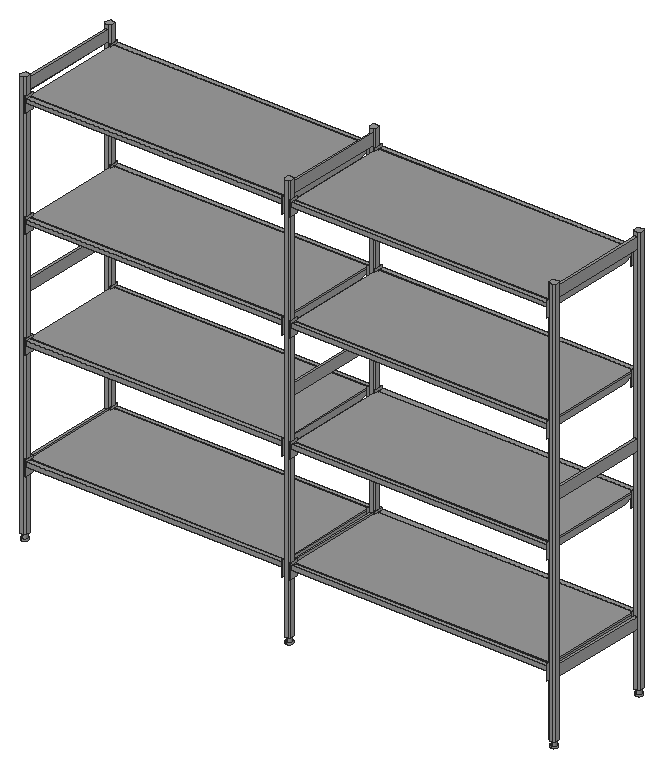
Revit family "QF_ZANUSSI_137045_BLS2224", category Attrezzature speciali, Revit 2020
Family settings
  Quota connettore circolare = Usa diametro
  Tipo di parte = Normale
  Basato su piano di lavoro = No
  Sempre verticale = Sì
  Taglio con vuoti quando caricato = No
  Condiviso = No
  Punto di calcolo locali = No
Parameters (values of type "Standard")
  Weight = 41.00 kg
  Watts = 0 W
  Volts = 0 V
  URL Manufacturer = "http://www.zanussiprofessional.com"
  URL = "http://www.zanussiprofessional.com"
  Steam Supply Size = 0 mm
  Steam Supply Minimum Pressure = 0.0 Pa
  Steam Supply Maximum Pressure = 0.0 Pa
  Steam Consumption per Hour = 0
  Refrigeration Suction Line Size = 0.0 mm
  Refrigeration Liquid Line Size = 0.0 mm
  Refrigerant Compressor Remote = yes
  Prospetto di default = 0.0 mm
  Phase = 0
  Modello = "BLS2224"
  Produttore = "Zanussi"
  Length Actual = 2224.0 mm  # constant formula
  Item Number = "137045"
  Hot Water Size = 0 mm
  Height Actual = 1700.0 mm  # constant formula
  HP = "0 HP"
  Gas Size = 0 mm
  Gas KW = 0
  Gas Input Pressure = 0 W
  Direct Waste Size = 0 mm
  Descrizione = "ALUM.LINEAR SHELV.-POLY.TIERS-475X2224MM"
  Depth Actual = 475.0 mm  # constant formula
  Cycle = 0 Hz
  Condensate Return Size = 0 mm
  Compressed Air Volume = 0.0 L/s
  Compressed Air Size = 0 mm
  Compressed Air Pressure = 0.0 Pa
  Cold Water Size = 0 mm
  Accessory = yes
Reference planes
  plane 1: z = 0
  plane 2 "CenterLeft": x = -31
  plane 3 "LEFT": x = -417
  plane 4 "BACK": y = 23
  plane 5 "FRONT": y = -452
  plane 6 "TOP": z = 1700
  plane 7: x = -385
  plane 8: x = 677
  plane 9 "Center (Front/Back)": y = -214.5
  plane 10: y = -8.5
  plane 11: y = -420.5
  plane 12 "FEET": z = 25
  plane 13: z = 275
  plane 14: z = 725
  plane 15: z = 1175
  plane 16: z = 1625
  plane 17 "CXLeft": x = -403
  plane 18 "Center (Left/Right)": x = 695
  plane 19: y = 5.5
  plane 20 "CYBack": y = 5.5
  plane 21 "CYFront": y = -434.5
  plane 22 "RIGHT": x = 1807
  plane 23: x = 1775
  plane 24 "CXRight": x = 1793
  plane 25: x = 713
Forms (mm)
  Extrusion 1, solid, material "QF_Aluminum"
    sketch origin (-417, 0, -4.006) x (0, 1, 0) y (0, 0, 1)
      loop
        line (-12, 1637.003) -> (4, 1637.003) -> (4, 1655) -> (2.007, 1655) -> (2.007, 1648.501) -> (-431, 1648.501) -> (-431, 1655) -> (-433, 1655) -> (-433, 1637.003) -> (-417, 1637.003) -> (-383, 1625) -> (-46, 1625) -> (-12, 1637.003)
      loop
        line (-12, 1187.003) -> (4, 1187.003) -> (4, 1205) -> (2.007, 1205) -> (2.007, 1198.501) -> (-431, 1198.501) -> (-431, 1205) -> (-433, 1205) -> (-433, 1187.003) -> (-417, 1187.003) -> (-383, 1175) -> (-46, 1175) -> (-12, 1187.003)
      loop
        line (-12, 737.003) -> (4, 737.003) -> (4, 755) -> (2.007, 755) -> (2.007, 748.501) -> (-431, 748.501) -> (-431, 755) -> (-433, 755) -> (-433, 737.003) -> (-417, 737.003) -> (-383, 725) -> (-46, 725) -> (-12, 737.003)
      loop
        line (-12, 287.003) -> (4, 287.003) -> (4, 305) -> (2.007, 305) -> (2.007, 298.501) -> (-431, 298.501) -> (-431, 305) -> (-433, 305) -> (-433, 287.003) -> (-417, 287.003) -> (-383, 275) -> (-46, 275) -> (-12, 287.003)
    from 37 to 32
  Extrusion 2, solid, material "QF_Aluminum"
    sketch origin (-417, 0, 0) x (0, 1, 0) y (0, 0, 1)
      loop
        line (23, 246.005) -> (23, 307.993) -> (-12.993, 307.993) -> (-12.993, 246.005) -> (23, 246.005)
      loop
        line (-452, 246.005) -> (-416.007, 246.005) -> (-416.007, 307.993) -> (-452, 307.993) -> (-452, 246.005)
      loop
        line (23, 696.005) -> (23, 757.993) -> (-12.993, 757.993) -> (-12.993, 696.005) -> (23, 696.005)
      loop
        line (-452, 696.005) -> (-416.007, 696.005) -> (-416.007, 757.993) -> (-452, 757.993) -> (-452, 696.005)
      loop
        line (23, 1146.005) -> (23, 1207.993) -> (-12.993, 1207.993) -> (-12.993, 1146.005) -> (23, 1146.005)
      loop
        line (-452, 1146.005) -> (-416.007, 1146.005) -> (-416.007, 1207.993) -> (-452, 1207.993) -> (-452, 1146.005)
      loop
        line (23, 1596.005) -> (23, 1657.993) -> (-12.993, 1657.993) -> (-12.993, 1596.005) -> (23, 1596.005)
      loop
        line (-452, 1596.005) -> (-416.007, 1596.005) -> (-416.007, 1657.993) -> (-452, 1657.993) -> (-452, 1596.005)
    from 28 to 32
  Extrusion 3, solid, material "QF_Aluminum"
    sketch origin (-417, 0, 0) x (0, 1, 0) y (0, 0, 1)
      loop
        line (4, 1650.994) -> (4, 1632.998) -> (23, 1632.998) -> (23, 1650.994) -> (4, 1650.994)
      loop
        line (-433, 1650.994) -> (-452, 1650.994) -> (-452, 1632.998) -> (-433, 1632.998) -> (-433, 1650.994)
      loop
        line (4, 1200.994) -> (4, 1182.998) -> (23, 1182.998) -> (23, 1200.994) -> (4, 1200.994)
      loop
        line (-433, 1200.994) -> (-452, 1200.994) -> (-452, 1182.998) -> (-433, 1182.998) -> (-433, 1200.994)
      loop
        line (4, 750.994) -> (4, 732.998) -> (23, 732.998) -> (23, 750.994) -> (4, 750.994)
      loop
        line (-433, 750.994) -> (-452, 750.994) -> (-452, 732.998) -> (-433, 732.998) -> (-433, 750.994)
      loop
        line (4, 300.994) -> (4, 282.998) -> (23, 282.998) -> (23, 300.994) -> (4, 300.994)
      loop
        line (-433, 300.994) -> (-452, 300.994) -> (-452, 282.998) -> (-433, 282.998) -> (-433, 300.994)
    from 32 to 1094
  Extrusion 4, solid, material "QF_Polyethylene"
    sketch origin (-417, 0, 0) x (0, 1, 0) y (0, 0, 1)
      loop
        line (2.007, 1650.994) -> (-431, 1650.994) -> (-431, 1644.496) -> (2.007, 1644.496) -> (2.007, 1650.994)
      loop
        line (2.007, 1200.994) -> (-431, 1200.994) -> (-431, 1194.496) -> (2.007, 1194.496) -> (2.007, 1200.994)
      loop
        line (2.007, 750.994) -> (-431, 750.994) -> (-431, 744.496) -> (2.007, 744.496) -> (2.007, 750.994)
      loop
        line (2.007, 300.994) -> (-431, 300.994) -> (-431, 294.496) -> (2.007, 294.496) -> (2.007, 300.994)
    from 32 to 1094
  Extrusion 5, solid, material "QF_Aluminum"
    sketch origin (1807, 0, 0) x (0, 1, 0) y (0, 0, 1)
      loop
        line (4, 1650.994) -> (4, 1632.998) -> (23, 1632.998) -> (23, 1650.994) -> (4, 1650.994)
      loop
        line (-433, 1650.994) -> (-452, 1650.994) -> (-452, 1632.998) -> (-433, 1632.998) -> (-433, 1650.994)
      loop
        line (4, 1200.994) -> (4, 1182.998) -> (23, 1182.998) -> (23, 1200.994) -> (4, 1200.994)
      loop
        line (-433, 1200.994) -> (-452, 1200.994) -> (-452, 1182.998) -> (-433, 1182.998) -> (-433, 1200.994)
      loop
        line (4, 750.994) -> (4, 732.998) -> (23, 732.998) -> (23, 750.994) -> (4, 750.994)
      loop
        line (-433, 750.994) -> (-452, 750.994) -> (-452, 732.998) -> (-433, 732.998) -> (-433, 750.994)
      loop
        line (4, 300.994) -> (4, 282.998) -> (23, 282.998) -> (23, 300.994) -> (4, 300.994)
      loop
        line (-433, 300.994) -> (-452, 300.994) -> (-452, 282.998) -> (-433, 282.998) -> (-433, 300.994)
    from -32 to -1094
  Extrusion 6, solid, material "QF_Polyethylene"
    sketch origin (1807, 0, 0) x (0, 1, 0) y (0, 0, 1)
      loop
        line (2.007, 1650.994) -> (-431, 1650.994) -> (-431, 1644.496) -> (2.007, 1644.496) -> (2.007, 1650.994)
      loop
        line (2.007, 1200.994) -> (-431, 1200.994) -> (-431, 1194.496) -> (2.007, 1194.496) -> (2.007, 1200.994)
      loop
        line (2.007, 750.994) -> (-431, 750.994) -> (-431, 744.496) -> (2.007, 744.496) -> (2.007, 750.994)
      loop
        line (2.007, 300.994) -> (-431, 300.994) -> (-431, 294.496) -> (2.007, 294.496) -> (2.007, 300.994)
    from -32 to -1094
Lines and regions (mm)
  symbolic lines
    curve 1: line (677, 4, 1700) -> (-385, 4, 1700)
    curve 2: line (-408, -8.5, 1700) -> (-408, -420.5, 1700)
    curve 3: line (-398, -420.5, 1700) -> (-398, -8.5, 1700)
    curve 4: line (-389, 23, 1700) -> (681, 23, 1700)
    curve 5: line (-385, -452, 1700) -> (677, -452, 1700)
    curve 6: line (709, 23, 1700) -> (1779, 23, 1700)
    curve 7: line (709, -452, 1700) -> (1779, -452, 1700)
    curve 8: line (-385, -433, 1700) -> (677, -433, 1700)
    curve 9: line (713, -433, 1700) -> (1775, -433, 1700)
    curve 10: line (713, 4, 1700) -> (1775, 4, 1700)
    curve 11: line (1775, -12.993, 1700) -> (1775, -416.007, 1700)
    curve 12: line (677, -12.993, 1700) -> (677, -416.007, 1700)
    curve 13: line (713, -416.007, 1700) -> (713, -12.993, 1700)
    curve 14: line (-385, -12.993, 1700) -> (-385, -416.007, 1700)
Dimensions and locks
  plane 3 "LEFT" to plane 2 "CenterLeft" = 386.0 mm
  locked: plane 6 "TOP" to level at 1700
  locked: plane 4 "BACK" to plane 5 "FRONT" at 475
  locked: plane 7 to plane 8 at 1062
  locked: plane 10 to plane 11 at 412
  equal spacing: plane 10, plane 9 "Center (Front/Back)", plane 11
  equal spacing: plane 4 "BACK", plane 9 "Center (Front/Back)", plane 5 "FRONT"
  plane 12 "FEET" to level = 25.0 mm
  plane 6 "TOP" to plane 12 "FEET" = 1675.0 mm
  plane 13 to plane 12 "FEET" = 250.0 mm
  plane 14 to plane 13 = 450.0 mm
  plane 15 to plane 14 = 450.0 mm
  plane 16 to plane 15 = 450.0 mm
  locked: plane 4 "BACK" to plane 20 "CYBack" at 17.5
  locked: plane 21 "CYFront" to plane 5 "FRONT" at 17.5
  locked: plane 4 "BACK" to Extrusion 1 at 19
  locked: Extrusion 1 to plane 5 "FRONT" at 19
  Extrusion 1 sketch curve to plane 21 "CYFront" = 3.5 mm
  plane 3 "LEFT" to plane 22 "RIGHT" = 2224.0 mm
  locked: plane 25 to plane 23 at 1062
  locked: plane 8 to plane 18 "Center (Left/Right)" at 18
  locked: plane 18 "Center (Left/Right)" to plane 25 at 18
  locked: plane 3 "LEFT" to plane 7 at 32
  locked: plane 24 "CXRight" to plane 22 "RIGHT" at 14
  aligned and locked: level to plane 1
  aligned and locked: plane 7 to Extrusion 1
  aligned and locked: Extrusion 2 to plane 7
  aligned and locked: plane 7 to Extrusion 4
  aligned and locked: Extrusion 4 to plane 8
  aligned and locked: plane 7 to Extrusion 3
  aligned and locked: Extrusion 3 to plane 8
  aligned and locked: Extrusion 3 sketch curve to Extrusion 1
  aligned and locked: Extrusion 1 to Extrusion 3 sketch curve
  aligned and locked: Extrusion 3 sketch curve to Extrusion 3 sketch curve  (x2)
  aligned and locked: Extrusion 1 sketch curve to Extrusion 1 sketch curve  (x3)
  aligned and locked: Extrusion 4 sketch curve to Extrusion 1  (x4)
  aligned and locked: Extrusion 5 sketch curve to Extrusion 5 sketch curve  (x2)
  aligned and locked: Extrusion 5 to plane 25
  aligned and locked: Extrusion 6 to plane 25
  aligned and locked: nested 3 to plane 18 "Center (Left/Right)"
  aligned and locked: nested 1 to plane 17 "CXLeft"
  aligned and locked: Extrusion 3 to plane 7  (x3)
  aligned and locked: plane 8 to Extrusion 3  (x4)
  aligned and locked: plane 25 to Extrusion 5  (x4)
  aligned and locked: plane 25 to Extrusion 6  (x4)
  aligned and locked: plane 8 to Extrusion 4  (x4)
  aligned and locked: nested 2 to plane 24 "CXRight"
  aligned and locked: Extrusion 5 to plane 23
  aligned and locked: Extrusion 6 to plane 23
  aligned and locked: plane 23 to Extrusion 5  (x3)
  aligned and locked: plane 23 to Extrusion 6  (x3)
Automatic sketch dimensions
  plane 21 "CYFront" to Extrusion 1 sketch curve = 1.5 mm  (x4)
  plane 11 to Extrusion 1 sketch curve = 3.5 mm  (x4)
  Extrusion 1 sketch curve to plane 13 = 4.006 mm
  Extrusion 1 sketch curve to Extrusion 1 sketch curve = 34.0 mm  (x4)
  Extrusion 1 sketch curve to plane 14 = 4.006 mm
  Extrusion 1 sketch curve to plane 15 = 4.006 mm
  Extrusion 1 sketch curve to plane 16 = 4.006 mm
  Extrusion 1 sketch curve to plane 10 = 37.5 mm  (x4)
  Extrusion 1 sketch curve to plane 10 = 3.5 mm  (x4)
  plane 19 to Extrusion 1 sketch curve = 3.493 mm  (x4)
  plane 19 to Extrusion 1 sketch curve = 1.5 mm  (x4)
  plane 13 to Extrusion 1 sketch curve = 7.998 mm  (x2)
  Extrusion 1 sketch curve to Extrusion 1 sketch curve = 11.498 mm  (x4)
  Extrusion 1 sketch curve to Extrusion 1 sketch curve = 6.499 mm  (x8)
  plane 14 to Extrusion 1 sketch curve = 7.998 mm  (x2)
  plane 15 to Extrusion 1 sketch curve = 7.998 mm  (x2)
  plane 16 to Extrusion 1 sketch curve = 7.998 mm  (x2)
  Extrusion 2 sketch curve to plane 5 "FRONT" = 0.0 mm  (x4)
  Extrusion 2 sketch curve to plane 4 "BACK" = 0.0 mm  (x4)
  plane 11 to Extrusion 2 sketch curve = 4.493 mm  (x4)
  Extrusion 2 sketch curve to plane 10 = 4.493 mm  (x4)
  Extrusion 2 sketch curve to plane 13 = 28.995 mm  (x2)
  plane 13 to Extrusion 2 sketch curve = 32.993 mm  (x2)
  Extrusion 2 sketch curve to plane 14 = 28.995 mm  (x2)
  plane 14 to Extrusion 2 sketch curve = 32.993 mm  (x2)
  Extrusion 2 sketch curve to plane 15 = 28.995 mm  (x2)
  plane 15 to Extrusion 2 sketch curve = 32.993 mm  (x2)
  Extrusion 2 sketch curve to plane 16 = 28.995 mm  (x2)
  plane 16 to Extrusion 2 sketch curve = 32.993 mm  (x2)
  Extrusion 3 sketch curve to plane 5 "FRONT" = 0.0 mm  (x4)
  Extrusion 3 sketch curve to plane 4 "BACK" = 0.0 mm  (x4)
  plane 19 to Extrusion 3 sketch curve = 1.5 mm  (x4)
  plane 13 to Extrusion 3 sketch curve = 7.998 mm  (x2)
  Extrusion 3 sketch curve to Extrusion 3 sketch curve = 17.997 mm  (x8)
  plane 14 to Extrusion 3 sketch curve = 7.998 mm  (x2)
  plane 15 to Extrusion 3 sketch curve = 7.998 mm  (x2)
  plane 16 to Extrusion 3 sketch curve = 7.998 mm  (x2)
  plane 19 to Extrusion 4 sketch curve = 3.493 mm  (x4)
  plane 13 to Extrusion 4 sketch curve = 19.496 mm
  Extrusion 4 sketch curve to Extrusion 4 sketch curve = 6.499 mm  (x4)
  plane 14 to Extrusion 4 sketch curve = 19.496 mm
  plane 15 to Extrusion 4 sketch curve = 19.496 mm
  plane 16 to Extrusion 4 sketch curve = 19.496 mm
  Extrusion 5 sketch curve to plane 5 "FRONT" = 0.0 mm  (x4)
  Extrusion 5 sketch curve to plane 4 "BACK" = 0.0 mm  (x4)
  plane 21 "CYFront" to Extrusion 5 sketch curve = 1.5 mm  (x2)
  plane 19 to Extrusion 5 sketch curve = 1.5 mm  (x4)
  plane 13 to Extrusion 5 sketch curve = 7.998 mm  (x2)
  Extrusion 5 sketch curve to Extrusion 5 sketch curve = 17.997 mm  (x8)
  plane 14 to Extrusion 5 sketch curve = 7.998 mm  (x2)
  plane 15 to Extrusion 5 sketch curve = 7.998 mm  (x2)
  plane 16 to Extrusion 5 sketch curve = 7.998 mm  (x2)
  plane 21 "CYFront" to Extrusion 6 sketch curve = 3.5 mm  (x4)
  plane 19 to Extrusion 6 sketch curve = 3.493 mm  (x4)
  plane 13 to Extrusion 6 sketch curve = 19.496 mm
  Extrusion 6 sketch curve to Extrusion 6 sketch curve = 6.499 mm  (x4)
  plane 14 to Extrusion 6 sketch curve = 19.496 mm
  plane 15 to Extrusion 6 sketch curve = 19.496 mm
  plane 16 to Extrusion 6 sketch curve = 19.496 mm
  curve 7 to plane 5 "FRONT" = 0.0 mm
  curve 5 to plane 5 "FRONT" = 0.0 mm
  curve 8 to plane 8 = 0.0 mm
  curve 9 to plane 25 = 0.0 mm
  curve 9 to plane 23 = 0.0 mm
  curve 8 to plane 7 = 0.0 mm
  curve 2 to plane 11 = 0.0 mm
  curve 3 to plane 11 = 0.0 mm
  curve 14 to plane 7 = 0.0 mm
  curve 13 to plane 25 = 0.0 mm
  curve 12 to plane 8 = 0.0 mm
  curve 11 to plane 23 = 0.0 mm
  curve 3 to plane 10 = 0.0 mm
  curve 2 to plane 10 = 0.0 mm
  curve 1 to plane 8 = 0.0 mm
  curve 1 to plane 7 = 0.0 mm
  curve 10 to plane 23 = 0.0 mm
  curve 10 to plane 25 = 0.0 mm
  curve 4 to plane 4 "BACK" = 0.0 mm
  curve 6 to plane 4 "BACK" = 0.0 mm
  curve 5 to plane 8 = 0.0 mm
  curve 5 to plane 7 = 0.0 mm
  plane 21 "CYFront" to curve 8 = 1.5 mm
  plane 21 "CYFront" to curve 9 = 1.5 mm
  plane 11 to curve 14 = 4.493 mm
  plane 11 to curve 13 = 4.493 mm
  plane 11 to curve 12 = 4.493 mm
  plane 11 to curve 11 = 4.493 mm
  curve 14 to plane 10 = 4.493 mm
  curve 13 to plane 10 = 4.493 mm
  curve 12 to plane 10 = 4.493 mm
  curve 11 to plane 10 = 4.493 mm
  plane 19 to curve 1 = 1.5 mm
  plane 19 to curve 10 = 1.5 mm
  curve 6 to plane 23 = 4.0 mm
  curve 7 to plane 23 = 4.0 mm
  curve 6 to plane 25 = 4.0 mm
  curve 7 to plane 25 = 4.0 mm
  curve 4 to plane 8 = 4.0 mm
  plane 7 to curve 4 = 4.0 mm
  plane 17 "CXLeft" to curve 3 = 5.0 mm
  curve 2 to plane 17 "CXLeft" = 5.0 mm
Nested families
  nested 1: "WT_Anta475" at (0, 0, 0), type "WT_Anta475"
  nested 2: "WT_Anta475" at (1390, 0, 0) x (-1, 0, 0) z (0, 0, 1), type "WT_Anta475"
  nested 3: "WT_Anta475Center" at (1098, 0, 0), type "WT_Anta475Center"
Definition of nested family "WT_Anta475"
  Parameters
    WidthLeft = A + 64.0 mm  # 772.0 mm
    Width = 1606.0 mm
    Right = WidthLeft / 2  # 386.0 mm
    Default Elevation = 0.0 mm
    Left = -WidthLeft / 2  # -386.0 mm
    Height = 1725.0 mm
    FEET = 25.0 mm
    E = 0.0 mm
    Dint = Depth - 63.0 mm  # 412.0 mm
    Dext = Depth - 8.0 mm  # 467.0 mm
    Depth = 475.0 mm
    DX = (WidthLeft - A) / 2  # 32.0 mm
    B = 798.0 mm
    A = 708.0 mm
  Reference planes
    plane 1: z = 0
    plane 2 "LEFT": x = -417
    plane 3 "BACK": y = 23
    plane 4 "FRONT": y = -452
    plane 5 "TOP": z = 1725
    plane 6 "Center (Front/Back)": y = -214.5
    plane 7: y = -8.5
    plane 8: y = -420.5
    plane 9 "FEET": z = 25
    plane 10: z = 275
    plane 11: z = 725
    plane 12: z = 1175
    plane 13: z = 1625
    plane 14 "CXLeft": x = -403
    plane 15: y = 5.5
    plane 16 "CYBack": y = 5.5
    plane 17 "CYFront": y = -434.5
    plane 18: x = -385.031
    plane 19: x = -380.031
  Forms (mm)
    Extrusion 1, solid
      sketch origin (0, 0, 0) x (1, 0, 0) y (0, 1, 0)
        loop
          line (-417, 13.246) -> (-417, -2.246) -> (-410.746, -8.5) -> (-395.254, -8.5) -> (-389, -2.246) -> (-389, 13.246) -> (-395.254, 19.5) -> (-410.746, 19.5) -> (-417, 13.246)
      from 1725 to 25
    Extrusion 2, solid
      sketch origin (-417, 0, 0) x (0, 1, 0) y (0, 0, 1)
        loop
          line (23, 246.005) -> (23, 307.993) -> (-12.993, 307.993) -> (-12.993, 246.005) -> (23, 246.005)
        loop
          line (-452, 246.005) -> (-416.007, 246.005) -> (-416.007, 307.993) -> (-452, 307.993) -> (-452, 246.005)
        loop
          line (23, 696.005) -> (23, 757.993) -> (-12.993, 757.993) -> (-12.993, 696.005) -> (23, 696.005)
        loop
          line (-452, 696.005) -> (-416.007, 696.005) -> (-416.007, 757.993) -> (-452, 757.993) -> (-452, 696.005)
        loop
          line (23, 1146.005) -> (23, 1207.993) -> (-12.993, 1207.993) -> (-12.993, 1146.005) -> (23, 1146.005)
        loop
          line (-452, 1146.005) -> (-416.007, 1146.005) -> (-416.007, 1207.993) -> (-452, 1207.993) -> (-452, 1146.005)
        loop
          line (23, 1596.005) -> (23, 1657.993) -> (-12.993, 1657.993) -> (-12.993, 1596.005) -> (23, 1596.005)
        loop
          line (-452, 1596.005) -> (-416.007, 1596.005) -> (-416.007, 1657.993) -> (-452, 1657.993) -> (-452, 1596.005)
      from 28 to 32
    Revolve 3, solid
      sketch origin (-403, 0, 0) x (0, 1, 0) y (0, 0, 1)
        loop
          line (5.5, 25) -> (5.5, 0) -> (19, 0) -> (19, 5) -> (14, 5) -> (14, 25) -> (5.5, 25)
        axis (5.5, 25) -> (5.5, 0)
      angle from 0 to 360
    Extrusion 4, solid
      sketch origin (-403, 0, 0) x (0, 1, 0) y (0, 0, 1)
        loop
          line (-8.5, 912.382) -> (-8.5, 957.374) -> (-420.5, 957.374) -> (-420.5, 912.382) -> (-8.5, 912.382)
        loop
          line (-8.5, 1662.244) -> (-8.5, 1707.236) -> (-420.5, 1707.236) -> (-420.5, 1662.244) -> (-8.5, 1662.244)
      from -5 to 5
    Revolve 5, solid
      sketch origin (-403, -627, 0) x (0, -1, 0) y (0, 0, 1)
        loop
          line (-192.5, 25) -> (-192.5, 0) -> (-179, 0) -> (-179, 5) -> (-184, 5) -> (-184, 25) -> (-192.5, 25)
        axis (-192.5, 25) -> (-192.5, 0)
      angle from 0 to 360
    Extrusion 6, solid
      sketch origin (0, -627, 0) x (1, 0, 0) y (0, 1, 0)
        loop
          line (-417, 184.754) -> (-410.746, 178.5) -> (-395.254, 178.5) -> (-389, 184.754) -> (-389, 200.246) -> (-395.254, 206.5) -> (-410.746, 206.5) -> (-417, 200.246) -> (-417, 184.754)
      from 1725 to 25
    Extrusion 7, solid
      sketch origin (-417.031, -0.022, 0) x (0, 1, 0) y (0, 0, -1)
        loop
          line (-12, -1632.998) -> (-46, -1620.994) -> (-383, -1620.994) -> (-417, -1632.998) -> (-433, -1632.998) -> (-433, -1650.994) -> (-431, -1650.994) -> (-431, -1644.496) -> (2.007, -1644.496) -> (2.007, -1650.994) -> (4, -1650.994) -> (4, -1632.998) -> (-12, -1632.998)
        loop
          line (-12, -1182.998) -> (-46, -1170.994) -> (-383, -1170.994) -> (-417, -1182.998) -> (-433, -1182.998) -> (-433, -1200.994) -> (-431, -1200.994) -> (-431, -1194.496) -> (2.007, -1194.496) -> (2.007, -1200.994) -> (4, -1200.994) -> (4, -1182.998) -> (-12, -1182.998)
        loop
          line (-12, -732.998) -> (-46, -720.994) -> (-383, -720.994) -> (-417, -732.998) -> (-433, -732.998) -> (-433, -750.994) -> (-431, -750.994) -> (-431, -744.496) -> (2.007, -744.496) -> (2.007, -750.994) -> (4, -750.994) -> (4, -732.998) -> (-12, -732.998)
        loop
          line (-12, -282.998) -> (-46, -270.994) -> (-383, -270.994) -> (-417, -282.998) -> (-433, -282.998) -> (-433, -300.994) -> (-431, -300.994) -> (-431, -294.496) -> (2.007, -294.496) -> (2.007, -300.994) -> (4, -300.994) -> (4, -282.998) -> (-12, -282.998)
      from -32 to -37
    Extrusion 8, solid
      sketch origin (-403, 0, -659.878) x (0, 1, 0) y (0, 0, 1)
        loop
          line (-8.5, 912.382) -> (-8.5, 957.374) -> (-420.5, 957.374) -> (-420.5, 912.382) -> (-8.5, 912.382)
        loop
          line (-8.5, 1572.382) -> (-8.5, 1617.374) -> (-420.5, 1617.374) -> (-420.5, 1572.382) -> (-8.5, 1572.382)
        loop
          line (-8.5, 2322.382) -> (-8.5, 2367.374) -> (-420.5, 2367.374) -> (-420.5, 2322.382) -> (-8.5, 2322.382)
      from -5 to 5
  Lines and regions (mm)
    symbolic lines
      curve 1: line (-408, -8.5, 1725) -> (-408, -420.5, 1725)
      curve 2: line (-398, -420.5, 1725) -> (-398, -8.5, 1725)
      curve 3: line (-395.254, -8.5, 1725) -> (-410.746, -8.5, 1725)
      curve 4: line (-417, -2.246, 1725) -> (-410.746, -8.5, 1725)
      curve 5: line (-417, 13.246, 1725) -> (-417, -2.246, 1725)
      curve 6: line (-410.746, 19.5, 1725) -> (-417, 13.246, 1725)
      curve 7: line (-395.254, 19.5, 1725) -> (-410.746, 19.5, 1725)
      curve 8: line (-389, 13.246, 1725) -> (-395.254, 19.5, 1725)
      curve 9: line (-395.254, -8.5, 1725) -> (-389, -2.246, 1725)
      curve 10: line (-395.254, -420.5, 1725) -> (-410.746, -420.5, 1725)
      curve 11: line (-417, -426.754, 1725) -> (-410.746, -420.5, 1725)
      curve 12: line (-410.746, -448.5, 1725) -> (-417, -442.246, 1725)
      curve 13: line (-395.254, -448.5, 1725) -> (-410.746, -448.5, 1725)
      curve 14: line (-389, -442.246, 1725) -> (-395.254, -448.5, 1725)
      curve 15: line (-395.254, -420.5, 1725) -> (-389, -426.754, 1725)
      curve 16: line (-389, -452, 1725) -> (-389, -416.007, 1725)
      curve 17: line (-389, -416.007, 1725) -> (-385, -416.007, 1725)
      curve 18: line (-389, 23, 1725) -> (-389, -12.993, 1725)
      curve 19: line (-389, -12.993, 1725) -> (-385, -12.993, 1725)
      curve 20: line (-417, -426.754, 1725) -> (-417, -442.246, 1725)
      curve 21: line (-385, -452, 1725) -> (-385, -416.007, 1725)
      curve 22: line (-385, -452, 1725) -> (-389, -452, 1725)
      curve 23: line (-385, 23, 1725) -> (-389, 23, 1725)
      curve 24: line (-385, -12.993, 1725) -> (-385, 23, 1725)
      curve 25: line (-385.031, -13.016, 1725) -> (-385.031, -416.029, 1725)
  Dimensions and locks
    "Height": plane 5 "TOP" to level
    "Depth": plane 3 "BACK" to plane 4 "FRONT"
    "Dint": plane 7 to plane 8
    equal spacing: plane 7, plane 6 "Center (Front/Back)", plane 8
    equal spacing: plane 3 "BACK", plane 6 "Center (Front/Back)", plane 4 "FRONT"
    plane 9 "FEET" to level = 25.0 mm
    plane 5 "TOP" to plane 9 "FEET" = 1700.0 mm
    plane 10 to plane 9 "FEET" = 250.0 mm
    plane 11 to plane 10 = 450.0 mm
    plane 12 to plane 11 = 450.0 mm
    plane 13 to plane 12 = 450.0 mm
    locked: plane 2 "LEFT" to plane 14 "CXLeft" at 14
    locked: plane 3 "BACK" to plane 16 "CYBack" at 17.5
    locked: plane 17 "CYFront" to plane 4 "FRONT" at 17.5
    locked: Revolve 3 sketch curve to Revolve 3 sketch curve at 8.5
    locked: Revolve 3 sketch curve to plane 16 "CYBack" at 13.5
    locked: Revolve 5 sketch curve to Revolve 5 sketch curve at 8.5
    aligned and locked: level to plane 1
    aligned and locked: curve 20 to Extrusion 6
    aligned and locked: plane 5 "TOP" to Extrusion 1
    aligned and locked: plane 5 "TOP" to Extrusion 6
    aligned and locked: Extrusion 7 sketch curve to Extrusion 7 sketch curve  (x3)
  Automatic sketch dimensions
    curve 16 to plane 4 "FRONT" = 0.0 mm
    curve 11 to plane 8 = 0.0 mm
    curve 9 to plane 7 = 0.0 mm
    curve 5 to plane 2 "LEFT" = 0.0 mm
    curve 23 to plane 3 "BACK" = 0.0 mm
    plane 4 "FRONT" to curve 13 = 3.5 mm
    curve 20 to plane 17 "CYFront" = 7.746 mm
    curve 20 to plane 8 = 6.254 mm
    plane 8 to curve 16 = 4.493 mm
    curve 24 to plane 18 = 0.031 mm
    curve 24 to plane 7 = 4.493 mm
    plane 7 to curve 5 = 6.254 mm
    curve 5 to plane 15 = 7.746 mm
    curve 6 to plane 3 "BACK" = 3.5 mm
    curve 21 to plane 18 = 0.031 mm
    plane 18 to curve 23 = 3.969 mm
    plane 18 to curve 16 = 3.969 mm
    curve 18 to curve 8 = 6.254 mm
    curve 18 to curve 3 = 6.254 mm
    curve 16 to curve 13 = 6.254 mm
    curve 16 to curve 15 = 6.254 mm
    plane 2 "LEFT" to curve 10 = 6.254 mm
    plane 2 "LEFT" to curve 7 = 6.254 mm
    plane 2 "LEFT" to curve 12 = 6.254 mm
    plane 2 "LEFT" to curve 3 = 6.254 mm
    curve 14 to plane 17 "CYFront" = 7.746 mm
    curve 15 to plane 8 = 6.254 mm
    plane 7 to curve 9 = 6.254 mm
    curve 8 to plane 15 = 7.746 mm
    curve 3 to curve 2 = 2.746 mm
    curve 1 to curve 10 = 2.746 mm
    Extrusion 1 sketch curve to plane 2 "LEFT" = 0.0 mm
    Extrusion 1 sketch curve to plane 7 = 0.0 mm
    plane 2 "LEFT" to Extrusion 1 sketch curve = 6.254 mm  (x2)
    plane 14 "CXLeft" to Extrusion 1 sketch curve = 7.746 mm  (x2)
    Extrusion 1 sketch curve to plane 3 "BACK" = 3.5 mm
    plane 18 to Extrusion 1 sketch curve = 3.969 mm
    plane 7 to Extrusion 1 sketch curve = 6.254 mm  (x2)
    Extrusion 1 sketch curve to plane 15 = 7.746 mm  (x2)
    Extrusion 2 sketch curve to plane 4 "FRONT" = 0.0 mm  (x4)
    Extrusion 2 sketch curve to plane 3 "BACK" = 0.0 mm  (x4)
    plane 8 to Extrusion 2 sketch curve = 4.493 mm  (x4)
    Extrusion 2 sketch curve to plane 7 = 4.493 mm  (x4)
    Extrusion 2 sketch curve to plane 10 = 28.995 mm  (x2)
    plane 10 to Extrusion 2 sketch curve = 32.993 mm  (x2)
    Extrusion 2 sketch curve to plane 11 = 28.995 mm  (x2)
    plane 11 to Extrusion 2 sketch curve = 32.993 mm  (x2)
    Extrusion 2 sketch curve to plane 12 = 28.995 mm  (x2)
    plane 12 to Extrusion 2 sketch curve = 32.993 mm  (x2)
    Extrusion 2 sketch curve to plane 13 = 28.995 mm  (x2)
    plane 13 to Extrusion 2 sketch curve = 32.993 mm  (x2)
    Revolve 3 sketch curve to plane 9 "FEET" = 0.0 mm  (x2)
    Revolve 3 sketch curve to plane 15 = 0.0 mm  (x2)
    Revolve 3 sketch curve to level = 0.0 mm
    level to Revolve 3 sketch curve = 5.0 mm
    Revolve 3 sketch curve to Revolve 3 sketch curve = 11.655 mm
    Extrusion 4 sketch curve to plane 8 = 0.0 mm  (x2)
    Extrusion 4 sketch curve to plane 7 = 0.0 mm  (x2)
    plane 11 to Extrusion 4 sketch curve = 187.382 mm
    Extrusion 4 sketch curve to Extrusion 4 sketch curve = 44.992 mm
    plane 13 to Extrusion 4 sketch curve = 37.244 mm
    Extrusion 4 sketch curve to plane 5 "TOP" = 17.764 mm
    Revolve 5 sketch curve to plane 9 "FEET" = 0.0 mm  (x2)
    Revolve 5 sketch curve to plane 17 "CYFront" = 0.0 mm  (x2)
    Revolve 5 sketch curve to level = 0.0 mm
    Revolve 5 sketch curve to plane 4 "FRONT" = 4.0 mm
    Revolve 5 sketch curve to Revolve 5 sketch curve = 5.0 mm
    level to Revolve 5 sketch curve = 11.655 mm
    Extrusion 6 sketch curve to plane 2 "LEFT" = 0.0 mm
    Extrusion 6 sketch curve to plane 8 = 0.0 mm
    Extrusion 6 sketch curve to plane 2 "LEFT" = 6.254 mm  (x2)
    Extrusion 6 sketch curve to plane 14 "CXLeft" = 7.746 mm  (x2)
    Extrusion 6 sketch curve to plane 4 "FRONT" = 3.5 mm
    Extrusion 6 sketch curve to plane 18 = 3.969 mm
    plane 8 to Extrusion 6 sketch curve = 6.254 mm  (x2)
    plane 17 "CYFront" to Extrusion 6 sketch curve = 7.746 mm  (x2)
    plane 17 "CYFront" to Extrusion 7 sketch curve = 1.478 mm  (x4)
    Extrusion 7 sketch curve to Extrusion 7 sketch curve = 2.0 mm
    plane 8 to Extrusion 7 sketch curve = 3.478 mm  (x4)
    Extrusion 7 sketch curve to plane 10 = 4.006 mm
    Extrusion 7 sketch curve to Extrusion 7 sketch curve = 34.0 mm  (x4)
    Extrusion 7 sketch curve to plane 11 = 4.006 mm
    Extrusion 7 sketch curve to plane 12 = 4.006 mm
    Extrusion 7 sketch curve to plane 13 = 4.006 mm
    Extrusion 7 sketch curve to plane 7 = 37.522 mm  (x4)
    Extrusion 7 sketch curve to plane 7 = 3.522 mm  (x4)
    plane 15 to Extrusion 7 sketch curve = 3.516 mm  (x4)
    plane 15 to Extrusion 7 sketch curve = 1.522 mm  (x4)
    plane 13 to Extrusion 7 sketch curve = 7.998 mm  (x2)
    Extrusion 7 sketch curve to Extrusion 7 sketch curve = 11.498 mm
    Extrusion 7 sketch curve to Extrusion 7 sketch curve = 6.499 mm  (x5)
    plane 12 to Extrusion 7 sketch curve = 25.994 mm  (x2)
    plane 12 to Extrusion 7 sketch curve = 7.998 mm  (x2)
    plane 11 to Extrusion 7 sketch curve = 25.994 mm  (x2)
    plane 11 to Extrusion 7 sketch curve = 7.998 mm  (x2)
    plane 10 to Extrusion 7 sketch curve = 25.994 mm  (x2)
    plane 10 to Extrusion 7 sketch curve = 7.998 mm  (x2)
    curve 25 to plane 18 = 0.0 mm
    plane 8 to curve 25 = 4.471 mm
    curve 25 to plane 7 = 4.516 mm
    Extrusion 8 sketch curve to plane 8 = 0.0 mm  (x3)
    Extrusion 8 sketch curve to plane 7 = 0.0 mm  (x3)
    Extrusion 8 sketch curve to plane 10 = 22.496 mm
    plane 10 to Extrusion 8 sketch curve = 22.496 mm
    plane 11 to Extrusion 8 sketch curve = 187.504 mm
    Extrusion 8 sketch curve to Extrusion 8 sketch curve = 44.992 mm
    plane 13 to Extrusion 8 sketch curve = 37.504 mm
    Extrusion 8 sketch curve to plane 5 "TOP" = 17.504 mm
Definition of nested family "WT_Anta475Center"
  Parameters
    WidthLeft = A + 64.0 mm  # 772.0 mm
    Width = 1606.0 mm
    Right = WidthLeft / 2  # 386.0 mm
    Default Elevation = 0.0 mm
    Left = -WidthLeft / 2  # -386.0 mm
    Height = 1725.0 mm
    FEET = 25.0 mm
    E = 0.0 mm
    Dint = Depth - 63.0 mm  # 412.0 mm
    Dext = Depth - 8.0 mm  # 467.0 mm
    Depth = 475.0 mm
    DX = (WidthLeft - A) / 2  # 32.0 mm
    B = 798.0 mm
    A = 708.0 mm
  Reference planes
    plane 1: z = 0
    plane 2 "L": x = -417
    plane 3 "BACK": y = 23
    plane 4 "FRONT": y = -452
    plane 5 "TOP": z = 1725
    plane 6 "Center (Front/Back)": y = -214.5
    plane 7: y = -8.5
    plane 8: y = -420.5
    plane 9 "FEET": z = 25
    plane 10: z = 275
    plane 11: z = 725
    plane 12: z = 1175
    plane 13: z = 1625
    plane 14 "CXLeft": x = -403
    plane 15: y = 5.5
    plane 16 "CYBack": y = 5.5
    plane 17 "CYFront": y = -434.5
    plane 18: x = -385.031
    plane 19 "RIGHT": x = -380.031
    plane 20: x = -420.969
    plane 21 "LEFT": x = -425.969
  Forms (mm)
    Extrusion 1, solid
      sketch origin (0, 0, 0) x (1, 0, 0) y (0, 1, 0)
        loop
          line (-417, 13.246) -> (-417, -2.246) -> (-410.746, -8.5) -> (-395.254, -8.5) -> (-389, -2.246) -> (-389, 13.246) -> (-395.254, 19.5) -> (-410.746, 19.5) -> (-417, 13.246)
      from 1725 to 25
    Extrusion 2, solid
      sketch origin (-417, 0, 0) x (0, 1, 0) y (0, 0, 1)
        loop
          line (23, 246.005) -> (23, 307.993) -> (-12.993, 307.993) -> (-12.993, 246.005) -> (23, 246.005)
        loop
          line (-452, 246.005) -> (-416.007, 246.005) -> (-416.007, 307.993) -> (-452, 307.993) -> (-452, 246.005)
        loop
          line (23, 696.005) -> (23, 757.993) -> (-12.993, 757.993) -> (-12.993, 696.005) -> (23, 696.005)
        loop
          line (-452, 696.005) -> (-416.007, 696.005) -> (-416.007, 757.993) -> (-452, 757.993) -> (-452, 696.005)
        loop
          line (23, 1146.005) -> (23, 1207.993) -> (-12.993, 1207.993) -> (-12.993, 1146.005) -> (23, 1146.005)
        loop
          line (-452, 1146.005) -> (-416.007, 1146.005) -> (-416.007, 1207.993) -> (-452, 1207.993) -> (-452, 1146.005)
        loop
          line (23, 1596.005) -> (23, 1657.993) -> (-12.993, 1657.993) -> (-12.993, 1596.005) -> (23, 1596.005)
        loop
          line (-452, 1596.005) -> (-416.007, 1596.005) -> (-416.007, 1657.993) -> (-452, 1657.993) -> (-452, 1596.005)
      from 28 to 32
    Revolve 3, solid
      sketch origin (-403, 0, 0) x (0, 1, 0) y (0, 0, 1)
        loop
          line (5.5, 25) -> (5.5, 0) -> (19, 0) -> (19, 5) -> (14, 5) -> (14, 25) -> (5.5, 25)
        axis (5.5, 25) -> (5.5, 0)
      angle from 0 to 360
    Extrusion 4, solid
      sketch origin (-403, 0, 0) x (0, 1, 0) y (0, 0, 1)
        loop
          line (-8.5, 912.382) -> (-8.5, 957.374) -> (-420.5, 957.374) -> (-420.5, 912.382) -> (-8.5, 912.382)
        loop
          line (-8.5, 1662.244) -> (-8.5, 1707.236) -> (-420.5, 1707.236) -> (-420.5, 1662.244) -> (-8.5, 1662.244)
      from -5 to 5
    Revolve 5, solid
      sketch origin (-403, -627, 0) x (0, -1, 0) y (0, 0, 1)
        loop
          line (-192.5, 25) -> (-192.5, 0) -> (-179, 0) -> (-179, 5) -> (-184, 5) -> (-184, 25) -> (-192.5, 25)
        axis (-192.5, 25) -> (-192.5, 0)
      angle from 0 to 360
    Extrusion 6, solid
      sketch origin (0, -627, 0) x (1, 0, 0) y (0, 1, 0)
        loop
          line (-417, 184.754) -> (-410.746, 178.5) -> (-395.254, 178.5) -> (-389, 184.754) -> (-389, 200.246) -> (-395.254, 206.5) -> (-410.746, 206.5) -> (-417, 200.246) -> (-417, 184.754)
      from 1725 to 25
    Extrusion 7, solid
      sketch origin (-417.031, -0.022, 0) x (0, 1, 0) y (0, 0, -1)
        loop
          line (-12, -1632.998) -> (-46, -1620.994) -> (-383, -1620.994) -> (-417, -1632.998) -> (-433, -1632.998) -> (-433, -1650.994) -> (-431, -1650.994) -> (-431, -1644.496) -> (2.007, -1644.496) -> (2.007, -1650.994) -> (4, -1650.994) -> (4, -1632.998) -> (-12, -1632.998)
        loop
          line (-12, -1182.998) -> (-46, -1170.994) -> (-383, -1170.994) -> (-417, -1182.998) -> (-433, -1182.998) -> (-433, -1200.994) -> (-431, -1200.994) -> (-431, -1194.496) -> (2.007, -1194.496) -> (2.007, -1200.994) -> (4, -1200.994) -> (4, -1182.998) -> (-12, -1182.998)
        loop
          line (-12, -732.998) -> (-46, -720.994) -> (-383, -720.994) -> (-417, -732.998) -> (-433, -732.998) -> (-433, -750.994) -> (-431, -750.994) -> (-431, -744.496) -> (2.007, -744.496) -> (2.007, -750.994) -> (4, -750.994) -> (4, -732.998) -> (-12, -732.998)
        loop
          line (-12, -282.998) -> (-46, -270.994) -> (-383, -270.994) -> (-417, -282.998) -> (-433, -282.998) -> (-433, -300.994) -> (-431, -300.994) -> (-431, -294.496) -> (2.007, -294.496) -> (2.007, -300.994) -> (4, -300.994) -> (4, -282.998) -> (-12, -282.998)
      from -32 to -37
    Extrusion 8, solid
      sketch origin (-403, 0, -659.878) x (0, 1, 0) y (0, 0, 1)
        loop
          line (-8.5, 912.382) -> (-8.5, 957.374) -> (-420.5, 957.374) -> (-420.5, 912.382) -> (-8.5, 912.382)
        loop
          line (-8.5, 1572.382) -> (-8.5, 1617.374) -> (-420.5, 1617.374) -> (-420.5, 1572.382) -> (-8.5, 1572.382)
        loop
          line (-8.5, 2322.382) -> (-8.5, 2367.374) -> (-420.5, 2367.374) -> (-420.5, 2322.382) -> (-8.5, 2322.382)
      from -5 to 5
    Extrusion 9, solid
      sketch origin (-389, 0, 0) x (0, 1, 0) y (0, 0, -1)
        loop
          line (23, -246.005) -> (-12.993, -246.005) -> (-12.993, -307.993) -> (23, -307.993) -> (23, -246.005)
        loop
          line (-452, -246.005) -> (-452, -307.993) -> (-416.007, -307.993) -> (-416.007, -246.005) -> (-452, -246.005)
        loop
          line (23, -696.005) -> (-12.993, -696.005) -> (-12.993, -757.993) -> (23, -757.993) -> (23, -696.005)
        loop
          line (-452, -696.005) -> (-452, -757.993) -> (-416.007, -757.993) -> (-416.007, -696.005) -> (-452, -696.005)
        loop
          line (23, -1146.005) -> (-12.993, -1146.005) -> (-12.993, -1207.993) -> (23, -1207.993) -> (23, -1146.005)
        loop
          line (-452, -1146.005) -> (-452, -1207.993) -> (-416.007, -1207.993) -> (-416.007, -1146.005) -> (-452, -1146.005)
        loop
          line (23, -1596.005) -> (-12.993, -1596.005) -> (-12.993, -1657.993) -> (23, -1657.993) -> (23, -1596.005)
        loop
          line (-452, -1596.005) -> (-452, -1657.993) -> (-416.007, -1657.993) -> (-416.007, -1596.005) -> (-452, -1596.005)
      from 28 to 32
    Extrusion 10, solid
      sketch origin (-388.969, -0.022, 0) x (0, 1, 0) y (0, 0, 1)
        loop
          line (-12, 1632.998) -> (4, 1632.998) -> (4, 1650.994) -> (2.007, 1650.994) -> (2.007, 1644.496) -> (-431, 1644.496) -> (-431, 1650.994) -> (-433, 1650.994) -> (-433, 1632.998) -> (-417, 1632.998) -> (-383, 1620.994) -> (-46, 1620.994) -> (-12, 1632.998)
        loop
          line (-12, 1182.998) -> (4, 1182.998) -> (4, 1200.994) -> (2.007, 1200.994) -> (2.007, 1194.496) -> (-431, 1194.496) -> (-431, 1200.994) -> (-433, 1200.994) -> (-433, 1182.998) -> (-417, 1182.998) -> (-383, 1170.994) -> (-46, 1170.994) -> (-12, 1182.998)
        loop
          line (-12, 732.998) -> (4, 732.998) -> (4, 750.994) -> (2.007, 750.994) -> (2.007, 744.496) -> (-431, 744.496) -> (-431, 750.994) -> (-433, 750.994) -> (-433, 732.998) -> (-417, 732.998) -> (-383, 720.994) -> (-46, 720.994) -> (-12, 732.998)
        loop
          line (-12, 282.998) -> (4, 282.998) -> (4, 300.994) -> (2.007, 300.994) -> (2.007, 294.496) -> (-431, 294.496) -> (-431, 300.994) -> (-433, 300.994) -> (-433, 282.998) -> (-417, 282.998) -> (-383, 270.994) -> (-46, 270.994) -> (-12, 282.998)
      from -32 to -37
  Lines and regions (mm)
    symbolic lines
      curve 1: line (-408, -8.5, 1725) -> (-408, -420.5, 1725)
      curve 2: line (-398, -420.5, 1725) -> (-398, -8.5, 1725)
      curve 3: line (-395.254, -8.5, 1725) -> (-410.746, -8.5, 1725)
      curve 4: line (-417, -2.246, 1725) -> (-410.746, -8.5, 1725)
      curve 5: line (-410.746, 19.5, 1725) -> (-417, 13.246, 1725)
      curve 6: line (-395.254, 19.5, 1725) -> (-410.746, 19.5, 1725)
      curve 7: line (-389, 13.246, 1725) -> (-395.254, 19.5, 1725)
      curve 8: line (-395.254, -8.5, 1725) -> (-389, -2.246, 1725)
      curve 9: line (-395.254, -420.5, 1725) -> (-410.746, -420.5, 1725)
      curve 10: line (-417, -426.754, 1725) -> (-410.746, -420.5, 1725)
      curve 11: line (-410.746, -448.5, 1725) -> (-417, -442.246, 1725)
      curve 12: line (-395.254, -448.5, 1725) -> (-410.746, -448.5, 1725)
      curve 13: line (-389, -442.246, 1725) -> (-395.254, -448.5, 1725)
      curve 14: line (-395.254, -420.5, 1725) -> (-389, -426.754, 1725)
      curve 15: line (-389, -452, 1725) -> (-389, -416.007, 1725)
      curve 16: line (-389, -416.007, 1725) -> (-385, -416.007, 1725)
      curve 17: line (-389, 23, 1725) -> (-389, -12.993, 1725)
      curve 18: line (-389, -12.993, 1725) -> (-385, -12.993, 1725)
      curve 19: line (-385, -452, 1725) -> (-385, -416.007, 1725)
      curve 20: line (-385, -452, 1725) -> (-389, -452, 1725)
      curve 21: line (-385, 23, 1725) -> (-389, 23, 1725)
      curve 22: line (-385, -12.993, 1725) -> (-385, 23, 1725)
      curve 23: line (-385.031, -13.016, 1725) -> (-385.031, -416.029, 1725)
      curve 24: line (-417, -452, 1725) -> (-417, -416.007, 1725)
      curve 25: line (-417, -416.007, 1725) -> (-421, -416.007, 1725)
      curve 26: line (-417, 23, 1725) -> (-417, -12.993, 1725)
      curve 27: line (-417, -12.993, 1725) -> (-421, -12.993, 1725)
      curve 28: line (-421, -452, 1725) -> (-421, -416.007, 1725)
      curve 29: line (-421, -452, 1725) -> (-417, -452, 1725)
      curve 30: line (-421, 23, 1725) -> (-417, 23, 1725)
      curve 31: line (-421, -12.993, 1725) -> (-421, 23, 1725)
      curve 32: line (-420.969, -13.016, 1725) -> (-420.969, -416.029, 1725)
  Dimensions and locks
    "Height": plane 5 "TOP" to level
    "Depth": plane 3 "BACK" to plane 4 "FRONT"
    "Dint": plane 7 to plane 8
    equal spacing: plane 7, plane 6 "Center (Front/Back)", plane 8
    equal spacing: plane 3 "BACK", plane 6 "Center (Front/Back)", plane 4 "FRONT"
    plane 9 "FEET" to level = 25.0 mm
    plane 5 "TOP" to plane 9 "FEET" = 1700.0 mm
    plane 10 to plane 9 "FEET" = 250.0 mm
    plane 11 to plane 10 = 450.0 mm
    plane 12 to plane 11 = 450.0 mm
    plane 13 to plane 12 = 450.0 mm
    locked: plane 3 "BACK" to plane 16 "CYBack" at 17.5
    locked: plane 17 "CYFront" to plane 4 "FRONT" at 17.5
    locked: Revolve 3 sketch curve to Revolve 3 sketch curve at 8.5
    locked: Revolve 3 sketch curve to plane 16 "CYBack" at 13.5
    locked: Revolve 5 sketch curve to Revolve 5 sketch curve at 8.5
    aligned and locked: level to plane 1
    aligned and locked: plane 5 "TOP" to Extrusion 1
    aligned and locked: plane 5 "TOP" to Extrusion 6
    aligned and locked: Extrusion 7 sketch curve to Extrusion 7 sketch curve  (x3)
    aligned and locked: Extrusion 10 sketch curve to Extrusion 10 sketch curve  (x3)
  Automatic sketch dimensions
    curve 15 to plane 4 "FRONT" = 0.0 mm
    curve 28 to plane 4 "FRONT" = 0.0 mm
    curve 9 to plane 8 = 0.0 mm
    curve 25 to plane 2 "L" = 0.0 mm
    curve 8 to plane 7 = 0.0 mm
    curve 17 to plane 3 "BACK" = 0.0 mm
    curve 30 to plane 3 "BACK" = 0.0 mm
    plane 4 "FRONT" to curve 11 = 3.5 mm
    curve 19 to plane 18 = 0.031 mm
    plane 8 to curve 19 = 4.493 mm
    plane 8 to curve 25 = 4.493 mm
    curve 27 to plane 20 = 0.031 mm
    curve 27 to plane 7 = 4.493 mm
    curve 17 to plane 7 = 4.493 mm
    curve 5 to plane 15 = 7.746 mm
    curve 7 to plane 3 "BACK" = 3.5 mm
    curve 18 to plane 18 = 0.031 mm
    plane 18 to curve 21 = 3.969 mm
    plane 18 to curve 20 = 3.969 mm
    curve 15 to curve 9 = 6.254 mm
    curve 17 to curve 7 = 6.254 mm
    curve 17 to curve 3 = 6.254 mm
    curve 15 to curve 12 = 6.254 mm
    plane 2 "L" to curve 12 = 6.254 mm
    plane 2 "L" to curve 4 = 6.254 mm
    plane 2 "L" to curve 10 = 6.254 mm
    plane 2 "L" to curve 5 = 6.254 mm
    curve 28 to plane 20 = 0.031 mm
    curve 13 to plane 17 "CYFront" = 7.746 mm
    curve 14 to plane 8 = 6.254 mm
    plane 7 to curve 8 = 6.254 mm
    curve 7 to plane 15 = 7.746 mm
    curve 9 to curve 2 = 2.746 mm
    curve 1 to curve 9 = 2.746 mm
    Extrusion 1 sketch curve to plane 2 "L" = 0.0 mm
    Extrusion 1 sketch curve to plane 7 = 0.0 mm
    plane 2 "L" to Extrusion 1 sketch curve = 6.254 mm  (x2)
    plane 14 "CXLeft" to Extrusion 1 sketch curve = 7.746 mm  (x2)
    Extrusion 1 sketch curve to plane 3 "BACK" = 3.5 mm
    plane 18 to Extrusion 1 sketch curve = 3.969 mm
    plane 7 to Extrusion 1 sketch curve = 6.254 mm  (x2)
    Extrusion 1 sketch curve to plane 15 = 7.746 mm  (x2)
    Extrusion 2 sketch curve to plane 4 "FRONT" = 0.0 mm  (x4)
    Extrusion 2 sketch curve to plane 3 "BACK" = 0.0 mm  (x4)
    plane 8 to Extrusion 2 sketch curve = 4.493 mm  (x4)
    Extrusion 2 sketch curve to plane 7 = 4.493 mm  (x4)
    Extrusion 2 sketch curve to plane 10 = 28.995 mm  (x2)
    plane 10 to Extrusion 2 sketch curve = 32.993 mm  (x2)
    Extrusion 2 sketch curve to plane 11 = 28.995 mm  (x2)
    plane 11 to Extrusion 2 sketch curve = 32.993 mm  (x2)
    Extrusion 2 sketch curve to plane 12 = 28.995 mm  (x2)
    plane 12 to Extrusion 2 sketch curve = 32.993 mm  (x2)
    Extrusion 2 sketch curve to plane 13 = 28.995 mm  (x2)
    plane 13 to Extrusion 2 sketch curve = 32.993 mm  (x2)
    Revolve 3 sketch curve to plane 9 "FEET" = 0.0 mm  (x2)
    Revolve 3 sketch curve to plane 15 = 0.0 mm  (x2)
    Revolve 3 sketch curve to level = 0.0 mm
    level to Revolve 3 sketch curve = 5.0 mm
    Revolve 3 sketch curve to Revolve 3 sketch curve = 11.655 mm
    Extrusion 4 sketch curve to plane 8 = 0.0 mm  (x2)
    Extrusion 4 sketch curve to plane 7 = 0.0 mm  (x2)
    plane 11 to Extrusion 4 sketch curve = 187.382 mm
    Extrusion 4 sketch curve to Extrusion 4 sketch curve = 44.992 mm
    plane 13 to Extrusion 4 sketch curve = 37.244 mm
    Extrusion 4 sketch curve to plane 5 "TOP" = 17.764 mm
    Revolve 5 sketch curve to plane 9 "FEET" = 0.0 mm  (x2)
    Revolve 5 sketch curve to plane 17 "CYFront" = 0.0 mm  (x2)
    Revolve 5 sketch curve to level = 0.0 mm
    Revolve 5 sketch curve to plane 4 "FRONT" = 4.0 mm
    Revolve 5 sketch curve to Revolve 5 sketch curve = 5.0 mm
    level to Revolve 5 sketch curve = 11.655 mm
    Extrusion 6 sketch curve to plane 2 "L" = 0.0 mm
    Extrusion 6 sketch curve to plane 8 = 0.0 mm
    Extrusion 6 sketch curve to plane 2 "L" = 6.254 mm  (x2)
    Extrusion 6 sketch curve to plane 14 "CXLeft" = 7.746 mm  (x2)
    Extrusion 6 sketch curve to plane 4 "FRONT" = 3.5 mm
    Extrusion 6 sketch curve to plane 18 = 3.969 mm
    plane 8 to Extrusion 6 sketch curve = 6.254 mm  (x2)
    plane 17 "CYFront" to Extrusion 6 sketch curve = 7.746 mm  (x2)
    plane 17 "CYFront" to Extrusion 7 sketch curve = 1.478 mm  (x4)
    Extrusion 7 sketch curve to Extrusion 7 sketch curve = 2.0 mm
    plane 8 to Extrusion 7 sketch curve = 3.478 mm  (x4)
    Extrusion 7 sketch curve to plane 10 = 4.006 mm
    Extrusion 7 sketch curve to Extrusion 7 sketch curve = 34.0 mm  (x4)
    Extrusion 7 sketch curve to plane 11 = 4.006 mm
    Extrusion 7 sketch curve to plane 12 = 4.006 mm
    Extrusion 7 sketch curve to plane 13 = 4.006 mm
    Extrusion 7 sketch curve to plane 7 = 37.522 mm  (x4)
    Extrusion 7 sketch curve to plane 7 = 3.522 mm  (x4)
    plane 15 to Extrusion 7 sketch curve = 3.516 mm  (x4)
    plane 15 to Extrusion 7 sketch curve = 1.522 mm  (x4)
    plane 13 to Extrusion 7 sketch curve = 7.998 mm  (x2)
    Extrusion 7 sketch curve to Extrusion 7 sketch curve = 11.498 mm
    Extrusion 7 sketch curve to Extrusion 7 sketch curve = 6.499 mm  (x5)
    plane 12 to Extrusion 7 sketch curve = 25.994 mm  (x2)
    plane 12 to Extrusion 7 sketch curve = 7.998 mm  (x2)
    plane 11 to Extrusion 7 sketch curve = 25.994 mm  (x2)
    plane 11 to Extrusion 7 sketch curve = 7.998 mm  (x2)
    plane 10 to Extrusion 7 sketch curve = 25.994 mm  (x2)
    plane 10 to Extrusion 7 sketch curve = 7.998 mm  (x2)
    curve 23 to plane 18 = 0.0 mm
    curve 32 to plane 20 = 0.0 mm
    plane 8 to curve 23 = 4.471 mm
    plane 8 to curve 32 = 4.471 mm
    curve 32 to plane 7 = 4.516 mm
    curve 23 to plane 7 = 4.516 mm
    Extrusion 8 sketch curve to plane 8 = 0.0 mm  (x3)
    Extrusion 8 sketch curve to plane 7 = 0.0 mm  (x3)
    Extrusion 8 sketch curve to plane 10 = 22.496 mm
    plane 10 to Extrusion 8 sketch curve = 22.496 mm
    plane 11 to Extrusion 8 sketch curve = 187.504 mm
    Extrusion 8 sketch curve to Extrusion 8 sketch curve = 44.992 mm
    plane 13 to Extrusion 8 sketch curve = 37.504 mm
    Extrusion 8 sketch curve to plane 5 "TOP" = 17.504 mm
    Extrusion 9 sketch curve to plane 4 "FRONT" = 0.0 mm  (x4)
    Extrusion 9 sketch curve to plane 3 "BACK" = 0.0 mm  (x4)
    plane 8 to Extrusion 9 sketch curve = 4.493 mm  (x4)
    Extrusion 9 sketch curve to plane 7 = 4.493 mm  (x4)
    plane 13 to Extrusion 9 sketch curve = 32.993 mm  (x2)
    Extrusion 9 sketch curve to plane 13 = 28.995 mm  (x2)
    plane 12 to Extrusion 9 sketch curve = 32.993 mm  (x2)
    Extrusion 9 sketch curve to plane 12 = 28.995 mm  (x2)
    plane 11 to Extrusion 9 sketch curve = 32.993 mm  (x2)
    Extrusion 9 sketch curve to plane 11 = 28.995 mm  (x2)
    plane 10 to Extrusion 9 sketch curve = 32.993 mm  (x2)
    Extrusion 9 sketch curve to plane 10 = 28.995 mm  (x2)
    plane 17 "CYFront" to Extrusion 10 sketch curve = 1.478 mm  (x4)
    Extrusion 10 sketch curve to Extrusion 10 sketch curve = 2.0 mm
    plane 8 to Extrusion 10 sketch curve = 3.478 mm  (x4)
    Extrusion 10 sketch curve to plane 10 = 4.006 mm
    Extrusion 10 sketch curve to Extrusion 10 sketch curve = 34.0 mm  (x4)
    Extrusion 10 sketch curve to plane 11 = 4.006 mm
    Extrusion 10 sketch curve to plane 12 = 4.006 mm
    Extrusion 10 sketch curve to plane 13 = 4.006 mm
    Extrusion 10 sketch curve to plane 7 = 37.522 mm  (x4)
    Extrusion 10 sketch curve to plane 7 = 3.522 mm  (x4)
    plane 15 to Extrusion 10 sketch curve = 3.516 mm  (x4)
    plane 15 to Extrusion 10 sketch curve = 1.522 mm  (x4)
    plane 10 to Extrusion 10 sketch curve = 7.998 mm  (x2)
    Extrusion 10 sketch curve to Extrusion 10 sketch curve = 11.498 mm  (x4)
    Extrusion 10 sketch curve to Extrusion 10 sketch curve = 6.499 mm  (x8)
    plane 11 to Extrusion 10 sketch curve = 7.998 mm  (x2)
    plane 12 to Extrusion 10 sketch curve = 7.998 mm  (x2)
    plane 13 to Extrusion 10 sketch curve = 7.998 mm  (x2)
    curve 4 to plane 2 "L" = 0.0 mm
    plane 7 to curve 4 = 6.254 mm
    curve 11 to plane 17 "CYFront" = 7.746 mm
    curve 10 to plane 8 = 6.254 mm
